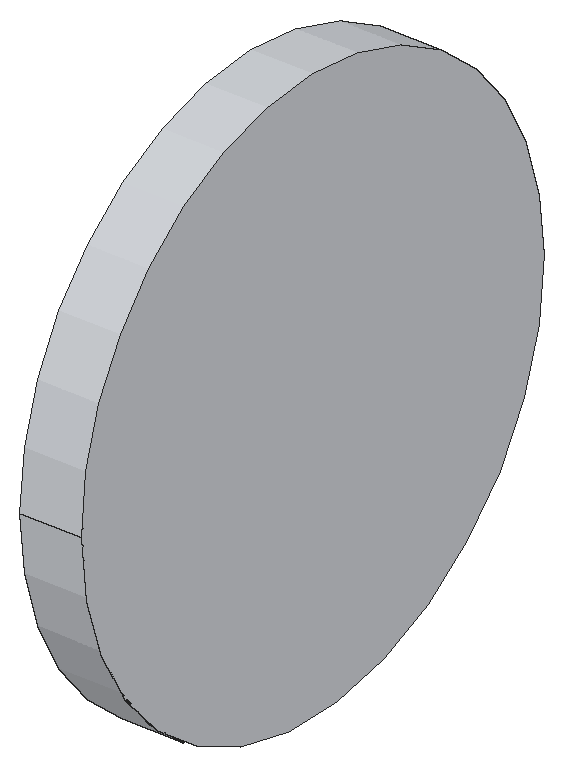
Revit family "M_Flange - Cega - Aço - Classe 150", category Conexões de tubo, Revit 2019
Family settings
  Cota do conector redondo = Usar raio
  Tipo de parte = Cobertura
  Número OmniClass = 23.60.30.11.14
  Título OmniClass = Pipework Fittings
  ID de item do Seek = Flange - Blind - Steel - Class 150-0000-CAN-ENU
  Com base no plano de trabalho = Não
  Sempre na vertical = Sim
  Corte com vazios quando carregada = Não
  Compartilhado = Não
Parameters (values of type "Padrão")
  Tamanho da marca de revisão [instance] = Diâmetro externo da flange * 0.4  # 36 mm
  Espessura da face elevada [instance] = 1.587 mm  # constant formula
  Raio da face elevada [instance] = Diâmetro da face elevada / 2  # 17.45 mm
  Diâmetro da face elevada [instance] = size_lookup(Nome da tabela de pesquisa, "RFD", 1.11 * Diâmetro nominal + 34.727 mm, Diâmetro nominal)  # 34.9 mm
  Raio nominal [instance] = 7.5 mm
  Diâmetro nominal [instance] = Raio nominal * 2  # 15 mm
  Método de perda = Não definido
  Nome da tabela de pesquisa = "M_Flange - Blind - Steel - Class 150"
  Espessura do flange [instance] = size_lookup(Nome da tabela de pesquisa, "FThk", 0.05 * Diâmetro nominal + 14.188 mm, Diâmetro nominal)  # 9.6 mm
  Raio externo da flange [instance] = Diâmetro externo da flange / 2  # 45 mm
  Diâmetro externo da flange [instance] = size_lookup(Nome da tabela de pesquisa, "FOD", 1.24 * Diâmetro nominal + 89.595 mm, Diâmetro nominal)  # 90 mm
Reference planes
  plane 1 "Centro (Frente/Trás)": y = 0
  plane 2: z = 0
  plane 3 "Centro (Esquerda/Direita)": x = 0
  plane 4: x = 1.588
  plane 5: x = 11.188
  plane 6: y = 36
  plane 7: y = -36
Forms (mm)
  Extrusion 1, solid, detail levels fine
    sketch origin (0, 0, 0) x (0, 1, 0) y (0, 0, 1)
      loop
        circle (0, 0) r 17.45
    from 0 to 1.587
  Extrusion 2, solid, detail levels fine
    sketch origin (0, 0, 0) x (0, 1, 0) y (0, 0, 1)
      loop
        circle (0, 0) r 45
    from 1.588 to 11.188
Cuts and joins
  joined: Extrusion 1, Extrusion 2
Lines and regions (mm)
  model lines, detail levels coarse+medium
    curve 1: line (0, 36, 0) -> (0, -36, 0)
Dimensions and locks
  "Espessura da face elevada": plane 3 "Centro (Esquerda/Direita)" to plane 4
  "Espessura do flange": plane 4 to plane 5
  equal spacing: plane 6, plane 1 "Centro (Frente/Trás)", plane 7
  "Tamanho da marca de revisão": plane 6 to plane 1 "Centro (Frente/Trás)"
  "Raio da face elevada": radius of Extrusion 1 sketch curve
  "Raio externo da flange": radius of Extrusion 2 sketch curve
  aligned and locked: plane 6 to curve 1
  aligned and locked: plane 7 to curve 1
  aligned and locked: plane 1 "Centro (Frente/Trás)" to Extrusion 1 sketch curve
  aligned and locked: plane 2 to Extrusion 1 sketch curve
  aligned and locked: Extrusion 1 to plane 3 "Centro (Esquerda/Direita)"
  aligned and locked: plane 4 to Extrusion 1
  aligned and locked: plane 1 "Centro (Frente/Trás)" to Extrusion 2 sketch curve
  aligned and locked: plane 2 to Extrusion 2 sketch curve
  aligned and locked: Extrusion 2 to plane 4
  aligned and locked: plane 5 to Extrusion 2
Automatic sketch dimensions
  curve 1 to plane 6 = 0 mm
  curve 1 to plane 3 "Centro (Esquerda/Direita)" = 0 mm
  Extrusion 2 sketch curve to level = 0 mm
Connectors
  piping at (0, 0, 0), diameter 15, driven by "Raio nominal"
    settings: on cut or joined group of Extrusion 1, Extrusion 2, index 1, connector inside diameter 15 mm, connector length 0 mm, flow factor 0, pipe flow 0.0 L/s, pressure drop 0.0 Pa, fitting loss kfactor 0, connector angle 0.00°, fixture units 0, engagement length 0 mm, angle of deflection 0.00°, flow configuration 0, flow direction 0, fitting loss method 0, system type 28, joint type 0, gender type 0, connector reference index -1, connector utility 0, adjustable connector no, is connector primary yes, connector description ""
